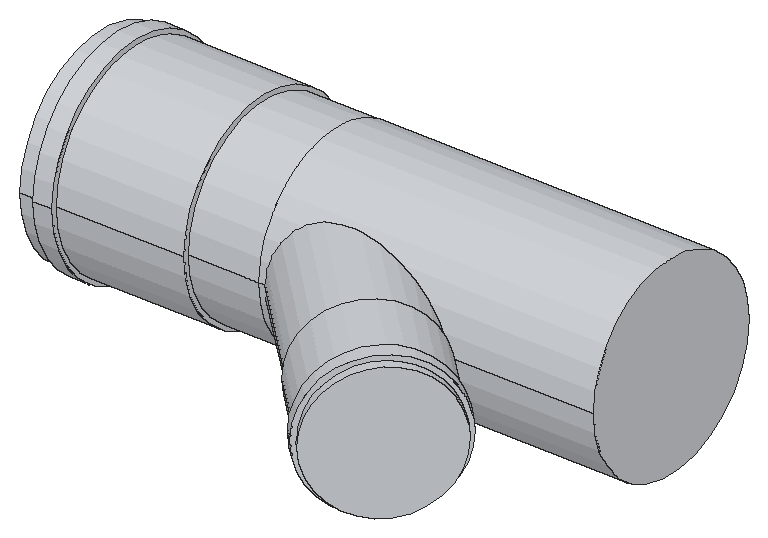
Revit family "Redução Wye invertida - PVC - SW", category Conexões de tubo, Revit 2019
Family settings
  Cota do conector redondo = Usar raio
  Tipo de parte = Ipsílon
  Com base no plano de trabalho = Não
  Sempre na vertical = Sim
  Corte com vazios quando carregada = Não
  Compartilhado = Não
Parameters (values of type "Padrão")
  Tamanho da marca de cota 2 [instance] = 0.4 * Diâmetro externo do anel 2  # 25.96 mm
  Tamanho da marca de cota 1 [instance] = 0.4 * Diâmetro externo do anel 1  # 37.92 mm
  Raio externo do soquete 2 [instance] = Diâmetro externo do soquete 2 / 2  # 30.319 mm
  Raio externo do soquete 1 [instance] = Diâmetro externo do soquete 1 / 2  # 45.36 mm
  Diâmetro externo do soquete 2 [instance] = Diâmetro externo da conexão 2 * 1.05  # 60.638 mm
  Diâmetro externo do soquete 1 [instance] = Diâmetro externo da conexão 1 * 1.05  # 90.72 mm
  Profundidade do soquete 2 [instance] = size_lookup(Nome da tabela de pesquisa, "SDpt", 0.953 * Diâmetro nominal 2 + 1.30 mm, Diâmetro nominal 2)  # 49 mm
  Profundidade do soquete 1 [instance] = size_lookup(Nome da tabela de pesquisa, "SDpt", 0.953 * Diâmetro nominal 1 + 1.30 mm, Diâmetro nominal 1)  # 73 mm
  Profundidade do anel 2 [instance] = size_lookup(Nome da tabela de pesquisa, "RDpt", 0.0516 * Diâmetro nominal 2 + 4.60 mm, Diâmetro nominal 2)  # 7.3 mm
  Profundidade do anel 1 [instance] = size_lookup(Nome da tabela de pesquisa, "RDpt", 0.0516 * Diâmetro nominal 1 + 4.60 mm, Diâmetro nominal 1)  # 8.5 mm
  Anel elevado 2 [instance] = Profundidade do soquete 2 * 0.1  # 4.9 mm
  Anel elevado 1 [instance] = Profundidade do soquete 1 * 0.1  # 7.3 mm
  Diâmetro externo nominal 2 [instance] = size_lookup(Nome da tabela de pesquisa, "NOD", if(Diâmetro nominal 2 > 200.00 mm, Diâmetro nominal 2, Diâmetro nominal 2 + 10.00 mm), Diâmetro nominal 2)  # 60 mm
  Diâmetro externo nominal 1 [instance] = size_lookup(Nome da tabela de pesquisa, "NOD", if(Diâmetro nominal 1 > 200.00 mm, Diâmetro nominal 1, Diâmetro nominal 1 + 10.00 mm), Diâmetro nominal 1)  # 85 mm
  Raio externo do anel 2 [instance] = Diâmetro externo do anel 2 / 2  # 32.45 mm
  Raio externo do anel 1 [instance] = Diâmetro externo do anel 1 / 2  # 47.4 mm
  Diâmetro externo do anel 2 [instance] = size_lookup(Nome da tabela de pesquisa, "ROD", 1.2287 * Diâmetro nominal 2 + 3.30 mm, Diâmetro nominal 2, Diâmetro nominal 2)  # 64.9 mm
  Diâmetro externo do anel 1 [instance] = size_lookup(Nome da tabela de pesquisa, "ROD", 1.2287 * Diâmetro nominal 1 + 3.30 mm, Diâmetro nominal 1, Diâmetro nominal 1)  # 94.8 mm
  Raio nominal 2 [instance] = 25 mm
  Raio nominal 1 [instance] = 37.5 mm
  Diâmetro nominal 2 [instance] = Raio nominal 2 * 2  # 50 mm
  Diâmetro nominal 1 [instance] = Raio nominal 1 * 2  # 75 mm
  Model = ""
  Manufacturer = ""
  Loss Method = (empty or 0)
  Nome da tabela de pesquisa = "BR_Inverted Wye Reduction - PVC - SW"
  K Coefficient Table = (empty or 0)
  Legenda 2 da extremidade do meio para o trecho da extremidade [instance] = Legenda 1 da extremidade do meio para o trecho da extremidade * 0.6  # 55.975 mm
  Extremidade do meio para o trecho da extremidade [instance] = Extremidade para o trecho da extremidade / 2  # 72 mm
  Legenda 1 da extremidade do meio para o trecho da extremidade [instance] = if(Extremidade do meio para o trecho da extremidade < Legenda do centro para a ramificação de extremidade * cos(Ângulo 1) + Raio externo do anel 2 * sin(Ângulo 1), Legenda do centro para a ramificação de extremidade * cos(Ângulo 1) + Raio externo do anel 2 * sin(Ângulo 1), Extremidade do meio para o trecho da extremidade)  # 93.291 mm
  Raio externo da conexão 2 [instance] = Diâmetro externo da conexão 2 / 2  # 28.875 mm
  Raio externo da conexão 1 [instance] = Diâmetro externo da conexão 1 / 2  # 43.2 mm
  Diâmetro externo da conexão 2 [instance] = size_lookup(Nome da tabela de pesquisa, "FOD", 1.1404 * Diâmetro nominal 2 + 0.90 mm, Diâmetro nominal 2, Diâmetro nominal 2)  # 57.75 mm
  Diâmetro externo da conexão 1 [instance] = size_lookup(Nome da tabela de pesquisa, "FOD", 1.1404 * Diâmetro nominal 1 + 0.90 mm, Diâmetro nominal 1, Diâmetro nominal 1)  # 86.4 mm
  Extremidade para o trecho da extremidade [instance] = size_lookup(Nome da tabela de pesquisa, "EtER", 1.62 * Diâmetro nominal 1 + 22.60 mm, Diâmetro nominal 1, Diâmetro nominal 2)  # 144 mm
  Description = ""
  Legenda do centro para a ramificação de extremidade [instance] = if(Centro para a ramificação de extremidade * sin(Ângulo 1) - Raio externo do anel 2 * cos(Ângulo 1) < Raio externo do anel 1, (Raio externo do anel 1 + Raio externo do anel 2 * cos(Ângulo 1)) / sin(Ângulo 1), Centro para a ramificação de extremidade)  # 99.484 mm
  Centro para a ramificação de extremidade [instance] = size_lookup(Nome da tabela de pesquisa, "CtEB", 0.45 * Diâmetro nominal 1 + 0.5 * Diâmetro nominal 2 + 7.70 mm, Diâmetro nominal 1, Diâmetro nominal 2)  # 66.5 mm
  Ângulo [instance] = 45.00°
  Ângulo 1 [instance] = if(Ângulo > 90.00°, 180.00° - Ângulo, Ângulo)  # 45.00°
Reference planes
  plane 1 "Centro (Frente/Trás)": y = 0
  plane 2: z = 0
  plane 3 "Centro (Esquerda/Direita)": x = 0
  plane 4: x = -105
  plane 5: x = 93.291
  plane 6: y = 37.92
  plane 7: y = -37.92
Forms (mm)
  Sweep 1, solid, detail levels fine
    path in 3D
      loop
        line (0, 0, 0) -> (70.346, -70.346, 0)
    profile origin (35.173, -35.173, 0) x (0.707107, 0.707107, 0) y (0, 0, 1)
      loop
        circle (0, 0) r 28.875
  Sweep 2, solid, detail levels fine
    path origin (0, 0, 0) x (1, 0, 0) y (0, 1, 0)
      loop
        line (-105, 0) -> (0, 0)
    profile origin (-52.5, 0, 0) x (0, 1, 0) y (0, 0, 1)
      loop
        circle (0, 0) r 43.2
  Sweep 3, solid, detail levels fine
    path origin (0, 0, 0) x (1, 0, 0) y (0, 1, 0)
      loop
        line (0, 0) -> (149.266, 0)
    profile origin (74.633, 0, 0) x (0, 1, 0) y (0, 0, 1)
      loop
        circle (0, 0) r 43.2
  Sweep 4, solid, detail levels fine
    path in 3D
      loop
        line (70.346, -70.346, 0) -> (104.994, -104.994, 0)
    profile origin (87.67, -87.67, 0) x (0.707107, 0.707107, 0) y (0, 0, 1)
      loop
        circle (0, 0) r 30.319
  Sweep 5, solid, detail levels fine
    path origin (0, 0, 0) x (1, 0, 0) y (0, 1, 0)
      loop
        line (101.529, -101.529) -> (96.367, -96.367)
    profile origin (98.948, -98.948, 0) x (-0.707107, -0.707107, 0) y (0, 0, 1)
      loop
        circle (0, 0) r 32.45
  Sweep 6, solid, detail levels fine
    path origin (0, 0, 0) x (1, 0, 0) y (0, 1, 0)
      loop
        line (-105, 0) -> (-32, 0)
    profile origin (-68.5, 0, 0) x (0, 1, 0) y (0, 0, 1)
      loop
        circle (0, 0) r 45.36
  Sweep 7, solid, detail levels fine
    path origin (0, 0, 0) x (1, 0, 0) y (0, 1, 0)
      loop
        line (-97.7, 0) -> (-89.2, 0)
    profile origin (-93.45, 0, 0) x (0, 1, 0) y (0, 0, 1)
      loop
        circle (0, 0) r 47.4
Cuts and joins
  joined: Sweep 1, Sweep 2, Sweep 3, Sweep 4, Sweep 5, Sweep 6, Sweep 7
Lines and regions (mm)
  model lines, detail levels coarse+medium
    curve 1: line (-105, 0, 0) -> (93.291, 0, 0)
    curve 2: line (0, 0, 0) -> (70.346, -70.346, 0)
    curve 4: line (-105, 37.92, 0) -> (-105, -37.92, 0)
    curve 5: line (93.291, 0, 0) -> (149.266, 0, 0)
    curve 6: line (149.266, 37.92, 0) -> (149.266, -37.92, 0)
    curve 7: line (70.346, -70.346, 0) -> (104.994, -104.994, 0)
    curve 9: line (104.994, -104.994, 0) -> (86.637, -123.35, 0)
    curve 10: line (104.994, -104.994, 0) -> (123.35, -86.637, 0)
  sketch lines
    curve 3: line (0, 0, 0) -> (70.346, -70.346, 0)
    curve 8: line (70.346, -70.346, 0) -> (104.994, -104.994, 0)
Dimensions and locks
  locked: plane 4 to plane 3 "Centro (Esquerda/Direita)" at 105
  "Legenda 1 da extremidade do meio para o trecho da extremidade": plane 3 "Centro (Esquerda/Direita)" to plane 5
  "Legenda do centro para a ramificação de extremidade": curve 2 to curve 2
  "Tamanho da marca de cota 1": plane 6 to plane 1 "Centro (Frente/Trás)"
  "Tamanho da marca de cota 1": plane 7 to plane 1 "Centro (Frente/Trás)"
  "Legenda 2 da extremidade do meio para o trecho da extremidade": plane 5 to curve 6
  "Profundidade do soquete 2": curve 7 to curve 7
  "Tamanho da marca de cota 2": curve 7 to curve 10
  "Tamanho da marca de cota 2": curve 9 to curve 7
  "Anel elevado 2": curve 10 to Sweep 5 sketch curve
  "Profundidade do anel 2": Sweep 5 sketch curve to Sweep 5 sketch curve
  "Profundidade do soquete 1": plane 4 to Sweep 6 sketch curve
  "Anel elevado 1": plane 4 to Sweep 7 sketch curve
  "Profundidade do anel 1": Sweep 7 sketch curve to Sweep 7 sketch curve
  "Raio externo da conexão 2": radius of Sweep 1 sketch curve
  "Raio externo da conexão 1": radius of Sweep 2 sketch curve
  "Raio externo da conexão 1": radius of Sweep 3 sketch curve
  "Raio externo do soquete 2": radius of Sweep 4 sketch curve
  "Raio externo do anel 2": radius of Sweep 5 sketch curve
  "Raio externo do soquete 1": radius of Sweep 6 sketch curve
  "Raio externo do anel 1": radius of Sweep 7 sketch curve
  "Ângulo": angle curve 2 to curve 1
  "Ângulo": angle curve 7 to plane 1 "Centro (Frente/Trás)"
  angle curve 10 to curve 7 = 90.00°
  angle curve 7 to curve 9 = 90.00°
  "Ângulo": angle Sweep 5 sketch curve to plane 1 "Centro (Frente/Trás)"
  aligned and locked: plane 1 "Centro (Frente/Trás)" to curve 1
  aligned and locked: plane 2 to Sweep 1 sketch curve
  aligned and locked: plane 3 "Centro (Esquerda/Direita)" to curve 2
  aligned and locked: plane 5 to curve 1
  aligned and locked: plane 4 to curve 1
  aligned and locked: plane 7 to curve 4
  aligned and locked: plane 6 to curve 4
  aligned and locked: curve 4 to plane 4
  aligned and locked: plane 4 to Sweep 2 sketch curve
  aligned and locked: plane 3 "Centro (Esquerda/Direita)" to Sweep 2 sketch curve
  aligned and locked: plane 3 "Centro (Esquerda/Direita)" to Sweep 3 sketch curve
  aligned and locked: plane 7 to curve 6
  aligned and locked: plane 6 to curve 6
  aligned and locked: curve 6 to curve 5
  aligned and locked: curve 10 to curve 9
  aligned and locked: Sweep 5 sketch curve to curve 2
  aligned and locked: plane 4 to Sweep 6 sketch curve
  aligned and locked: curve 6 to Sweep 3 sketch curve
Automatic sketch dimensions
  profile plane to Sweep 1 sketch curve = 0.00 mm
  plane 1 "Centro (Frente/Trás)" to Sweep 2 sketch curve = 0.00 mm
  Sweep 2 sketch curve to level = 0.00 mm
  Sweep 2 sketch curve to profile plane = 0.00 mm
  Sweep 3 sketch curve to level = 0.00 mm
  Sweep 3 sketch curve to profile plane = 0.00 mm
  Sweep 4 sketch curve to profile plane = 0.00 mm  (x2)
  level to Sweep 5 sketch curve = 0.00 mm
  Sweep 5 sketch curve to profile plane = 0.00 mm
  plane 1 "Centro (Frente/Trás)" to Sweep 6 sketch curve = 0.00 mm
  Sweep 6 sketch curve to level = 0.00 mm
  Sweep 6 sketch curve to profile plane = 0.00 mm
  plane 1 "Centro (Frente/Trás)" to Sweep 7 sketch curve = 0.00 mm
  Sweep 7 sketch curve to level = 0.00 mm
  Sweep 7 sketch curve to profile plane = 0.00 mm
  plane 1 "Centro (Frente/Trás)" to Sweep 3 sketch curve = 0.00 mm
Connectors
  piping at (-105, 0, 0), diameter 75, driven by "Raio nominal 1"
    settings: on cut or joined group of Sweep 1, Sweep 2, Sweep 3, Sweep 4, Sweep 5, Sweep 6, Sweep 7, index 1, connector inside diameter 75 mm, connector length 0.00 mm, flow factor 0, pipe flow 0.0 L/s, pressure drop 0.0 Pa, fitting loss kfactor 0, connector angle 0.00°, fixture units 0, engagement length 0.00 mm, angle of deflection 0.00°, flow configuration 0, flow direction 0, fitting loss method 0, system type 28, joint type 0, gender type 0, connector reference index 2, connector utility 0, adjustable connector no, is connector primary yes, connector description ""
  piping at (149.266, 0, 0), diameter 75, driven by "Raio nominal 1"
    settings: on cut or joined group of Sweep 1, Sweep 2, Sweep 3, Sweep 4, Sweep 5, Sweep 6, Sweep 7, index 2, connector inside diameter 75 mm, connector length 0.00 mm, flow factor 0, pipe flow 0.0 L/s, pressure drop 0.0 Pa, fitting loss kfactor 0, connector angle 0.00°, fixture units 0, engagement length 0.00 mm, angle of deflection 0.00°, flow configuration 0, flow direction 0, fitting loss method 0, system type 28, joint type 0, gender type 0, connector reference index 1, connector utility 0, adjustable connector no, is connector primary no, connector description ""
  piping at (104.994, -104.994, 0), diameter 50, driven by "Raio nominal 2", driven by "Ângulo"
    settings: on cut or joined group of Sweep 1, Sweep 2, Sweep 3, Sweep 4, Sweep 5, Sweep 6, Sweep 7, index 3, connector inside diameter 50 mm, connector length 0.00 mm, flow factor 0, pipe flow 0.0 L/s, pressure drop 0.0 Pa, fitting loss kfactor 0, connector angle 45.00°, fixture units 0, engagement length 0.00 mm, angle of deflection 0.00°, flow configuration 0, flow direction 0, fitting loss method 0, system type 28, joint type 0, gender type 0, connector reference index -1, connector utility 0, adjustable connector no, is connector primary no, connector description ""
